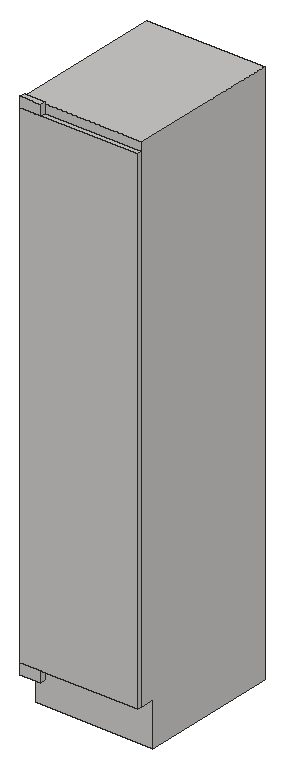
Revit family "RF411704", category Generic Models, Revit 2014
Parameters (values of type "RF411705")
  Width = 451 mm
  URL = "http://www.gaggenau.com."
  Model = "RF411705"
  Manufacturer = "Gaggenau"
  Height = 2125 mm
  Handle = Metal Panel
  Fridge = Metal Panel
  Door = Metal Panel
  Description = "Gaggenau 18\" Freezer column with integrated ice maker"
  Depth = 608 mm
Reference planes
  plane 1 "Center (Front/Back)": y = 0
  plane 2: z = 0
  plane 3 "Center (Left/Right)": x = 0
  plane 4: z = 2125
  plane 5: x = -225.5
  plane 6: x = 225.5
  plane 7: y = 266.012
  plane 8: y = -341.988
  plane 9: z = 181
  plane 10: z = 102
  plane 11: z = 14.093
  plane 12: z = 2131
  plane 13: z = 2091
  plane 14: y = -268.988
  plane 15: y = -321.988
  plane 16: x = 165.294
Forms (mm)
  Extrusion 1, solid, material "Metal Panel" <- "Fridge"
    sketch origin (0, 0, 0) x (0, 1, 0) y (0, 0, 1)
      loop
        line (266.012, 2125) -> (-321.988, 2125) -> (-321.988, 181) -> (-268.988, 181) -> (-268.988, 14.093) -> (266.012, 14.093) -> (266.012, 2125)
    from -225.5 to 225.5
  Extrusion 2, solid, material "Metal Panel" <- "Door"
    sketch origin (0, 0, 0) x (1, 0, 0) y (0, 0, 1)
      loop
        line (-225.5, 181) -> (225.5, 181) -> (225.5, 2091) -> (-225.5, 2091) -> (-225.5, 181)
    from 321.988 to 341.988
  Extrusion 3, solid, material "Metal Panel" <- "Door"
    sketch origin (-371, 0, -0.35) x (1, 0, 0) y (0, 0, 1)
      loop
        line (225.5, 2131.35) -> (145.5, 2131.35) -> (145.5, 2091.35) -> (225.5, 2091.35) -> (225.5, 2131.35)
      loop
        line (225.5, 181.35) -> (145.5, 181.35) -> (145.5, 141.35) -> (225.5, 141.35) -> (225.5, 181.35)
    from 321.988 to 341.988
  Extrusion 4, solid, material "Metal Panel" <- "Fridge"
    sketch origin (0, 0, 0) x (1, 0, 0) y (0, 1, 0)
      loop
        circle (-193.903, -159.898) r 11.868
      loop
        circle (-193.903, 159.898) r 11.868
      loop
        circle (193.903, -159.898) r 11.868
      loop
        circle (193.903, 159.898) r 11.868
    from 0 to 14.093
Dimensions and locks
  "Width": plane 5 to plane 6
  plane 7 to plane 8 = 608 mm  (x2)
  plane 4 to plane 2 = 2125 mm
  plane 9 to plane 2 = 181 mm
  plane 10 to plane 2 = 102 mm
  plane 12 to plane 13 = 40 mm
  plane 14 to plane 8 = 73 mm
  plane 6 to plane 16 = 60.206 mm
  equal spacing: plane 5, plane 3 "Center (Left/Right)", plane 6
  plane 12 to plane 10 = 2029 mm
  aligned and locked: level to plane 2
  aligned and locked: plane 5 to Extrusion 1
  aligned and locked: plane 6 to Extrusion 1
  aligned and locked: Extrusion 2 to plane 8
  aligned and locked: Extrusion 2 to Extrusion 1
  aligned and locked: Extrusion 3 to plane 8
  aligned and locked: Extrusion 3 to Extrusion 1
  aligned and locked: plane 13 to Extrusion 2 sketch curve
  aligned and locked: plane 6 to Extrusion 2 sketch curve
  aligned and locked: plane 5 to Extrusion 2 sketch curve
Automatic sketch dimensions
  Extrusion 1 sketch curve to plane 4 = 0 mm
  Extrusion 1 sketch curve to plane 15 = 0 mm
  Extrusion 1 sketch curve to plane 9 = 0 mm
  Extrusion 1 sketch curve to plane 14 = 0 mm
  Extrusion 1 sketch curve to plane 7 = 0 mm
  Extrusion 1 sketch curve to plane 11 = 0 mm
  Extrusion 4 sketch curve to plane 5 = 31.597 mm  (x2)
  plane 16 to Extrusion 4 sketch curve = 28.608 mm  (x2)
  Extrusion 4 sketch curve to plane 14 = 109.089 mm  (x2)
  Extrusion 4 sketch curve to plane 7 = 106.114 mm  (x2)
  plane 10 to Extrusion 2 sketch curve = 79 mm
  Extrusion 3 sketch curve to plane 16 = 390.794 mm  (x2)
  Extrusion 3 sketch curve to plane 12 = 0 mm
  Extrusion 3 sketch curve to plane 6 = 371 mm  (x2)
  Extrusion 3 sketch curve to plane 9 = 0 mm
  Extrusion 3 sketch curve to plane 13 = 0 mm
  Extrusion 3 sketch curve to plane 9 = 40 mm
  radius of Extrusion 4 sketch curve = 11.868 mm  (x4)
